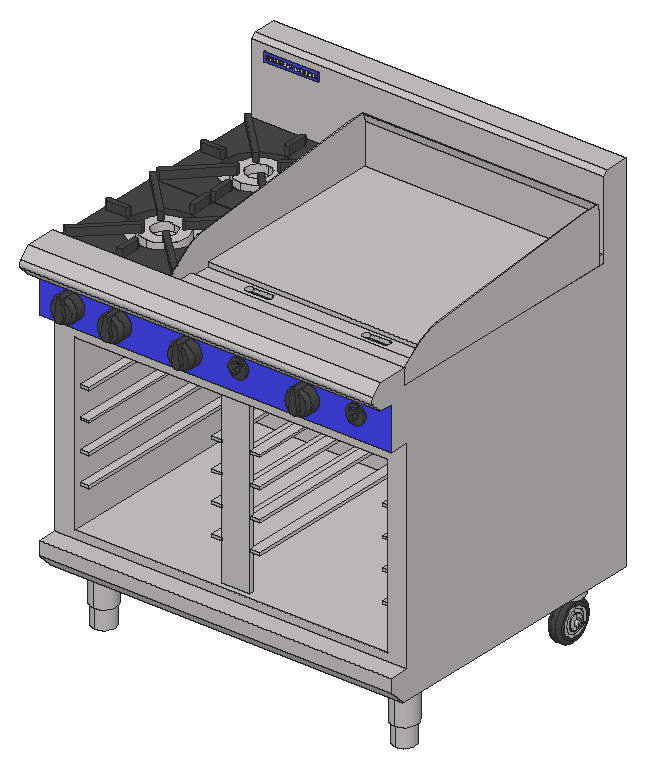
Revit family "QF_MOFFAT_BLUESEAL_CE_G516B-CB", category Specialty Equipment, Revit 2012
Parameters
  Width = 900 mm
  Weight in Pounds = 396  # constant formula
  URL Cutsheet = "www.moffat.com"
  URL = "www.moffat.com"
  Type Mark [instance] = ""
  Status [instance] = ""
  Specification by User [instance] = ""
  Specification by Manufacturer = ""
  Show Logo [instance] = yes
  Show Casters [instance] = yes
  Serial Number = ""
  Seismic Rating = ""
  SMACNA No = ""
  Revision Code [instance] = ""
  Omniclass Number and Title = ""
  NAFEM Spec ID Number = ""
  Model = "G516B-CB"
  Mechanical Remarks = ""
  Mechanical Connection Type = ""
  Masterspec = ""
  Manufacturer = "MOFFAT BLUESEAL"
  Legs [instance] = not(Show Casters)  # no
  Item Number [instance] = ""
  Installed By [instance] = ""
  Identify Quantity as Lot [instance] = yes
  Gas Size = 3/4"
  Gas RI Height = 0 mm
  Gas KW = 26
  Gas Input = 89000.0 Btu/h
  Gas Connection Height = 0 mm
  Furnished By [instance] = ""
  Foodservice Equipment Identifier [instance] = yes
  Description = "900MM GAS COOK TOP ON CABINET BASE"
  Depth = 812 mm
  CSI MasterFormat = ""
  CSI Master Format = ""
  Base Height [instance] = 150 mm
Reference planes
  plane 1 "BACK": y = 0
  plane 2: z = 0
  plane 3 "LEFT": x = 0
  plane 4 "RIGHT": x = 900
  plane 5 "FRONT": y = -812
  plane 6 "TOP": z = 970
  plane 7 "Center Y": x = 450
  plane 8 "Center X": y = -406
  plane 9 "Base Height": z = 150
  plane 10: z = 915
  plane 11: z = 1085
  plane 12: z = 740
  plane 13: x = 834
  plane 14: x = 65
  plane 15: y = -625
  plane 16: y = -100
Forms (mm)
  Extrusion 1, solid, material "QF_Finishes_Stainless Steel"
    sketch origin (0, 0, 0) x (0, 1, 0) y (0, 0, 1)
      loop
        line (0, 150) -> (0, 1085) -> (-57.5, 1085) -> (-70, 1072.5) -> (-70, 875) -> (-705.25, 875) -> (-705.25, 915) -> (-783.97, 915) -> (-808.485, 890.485)
        arc (-808.485, 890.485) -> (-811.999, 882) -> (-808.485, 873.515) r 12
        line (-808.485, 873.515) -> (-784.97, 850) -> (-749, 850) -> (-749, 740) -> (-130.5, 740) -> (-130.5, 222.5) -> (-749, 222.5) -> (-749, 186) -> (-713, 150) -> (0, 150)
    from 0 to 900
  Extrusion 2, void
    sketch origin (705, 3, 100) x (1, 0, 0) y (0, 1, 0)
      loop
        circle (65, -35) r 13.5
    from 640 to 570
  Revolve 3, solid, material "QF_Finishes_Black"
    sketch origin (90, 7, 760) x (0, 1, 0) y (0, 0, -1)
      loop
        line (-789, -69.5) -> (-766, -69.5) -> (-766, -42) -> (-756, -42) -> (-756, -37) -> (-800, -37) -> (-800, -63.651) -> (-789, -69.5)
      axis (-800, -37) -> (-756, -37)
    angle from 0 to 360
  Extrusion 4, solid, material "QF_Finishes_Black"
    sketch origin (228.27, 7, 760.158) x (-1, 0, 0) y (0, 0, -1)
      loop
        line (127.85, -26.037) -> (133.271, -68.955)
        arc (133.271, -68.955) -> (138.27, -73.842) -> (143.268, -68.955) r 5
        line (143.268, -68.955) -> (148.757, -24.87)
        arc (148.757, -24.87) -> (137.685, -14.371) -> (127.85, -26.037) r 10.487
    from 759 to 808
  Revolve 5, solid, material "QF_Finishes_Stainless Steel", visible <- "Legs"
    sketch origin (834, -165, 0) x (0, 1, 0) y (0, 0, -1)
      loop
        line (33.25, -150) -> (65, -150) -> (65, 0) -> (37.5, 0) -> (37.5, -50) -> (33.25, -50) -> (33.25, -150)
      axis (65, -150) -> (65, 0)
    angle from 0 to 360
  Revolve 6, solid, material "QF_Finishes_Stainless Steel"
    sketch origin (834, -728, 0) x (0, 1, 0) y (0, 0, -1)
      loop
        line (71.25, -150) -> (103, -150) -> (103, 0) -> (75.5, 0) -> (75.5, -50) -> (71.25, -50) -> (71.25, -150)
      axis (103, -150) -> (103, 0)
    angle from 0 to 360
  Extrusion 7, solid, material "QF_Finishes_Stainless Steel"
    sketch origin (0, -130.5, 735) x (0, 0, 1) y (-1, 0, 0)
      loop
        line (5, -900) -> (5, 0) -> (-512.5, 0) -> (-512.5, -900) -> (5, -900)
      loop
        line (-50, -850) -> (-50, -50) -> (-492.5, -50) -> (-492.5, -850) -> (-50, -850)
    from 0 to 568.5
  Extrusion 8, void
    sketch origin (0, 0, 150) x (-1, 0, 0) y (0, -1, 0)
      loop
        line (-824.497, 87.26) -> (-824.497, -30.24) -> (-694.997, -30.24) -> (-694.997, 38.76) -> (-743.497, 87.26) -> (-824.497, 87.26)
    from 72.5 to 590
  Extrusion 9, solid, material "QF_Finishes_Stainless Steel"
    sketch origin (0, -130.5, 735) x (0, 0, 1) y (-1, 0, 0)
      loop
        line (-50, -485.5) -> (-50, -414.5) -> (-492.5, -414.5) -> (-492.5, -485.5) -> (-50, -485.5)
    from 543.302 to 553.302
  Extrusion 10, solid, material "QF_Finishes_Stainless Steel"
    sketch origin (0, -130.5, 735) x (0, 0, 1) y (-1, 0, 0)
      loop
        line (-246.25, -414.5) -> (-239.9, -414.5) -> (-239.9, -389.5) -> (-246.25, -389.5) -> (-246.25, -414.5)
      loop
        line (-321.25, -414.5) -> (-314.9, -414.5) -> (-314.9, -389.5) -> (-321.25, -389.5) -> (-321.25, -414.5)
      loop
        line (-321.25, -50) -> (-321.25, -75) -> (-314.9, -75) -> (-314.9, -50) -> (-321.25, -50)
      loop
        line (-239.9, -75) -> (-239.9, -50) -> (-246.25, -50) -> (-246.25, -75) -> (-239.9, -75)
      loop
        line (-396.25, -414.5) -> (-389.9, -414.5) -> (-389.9, -389.5) -> (-396.25, -389.5) -> (-396.25, -414.5)
      loop
        line (-396.25, -50) -> (-396.25, -75) -> (-389.9, -75) -> (-389.9, -50) -> (-396.25, -50)
      loop
        line (-171.25, -414.5) -> (-164.9, -414.5) -> (-164.9, -389.5) -> (-171.25, -389.5) -> (-171.25, -414.5)
      loop
        line (-164.9, -75) -> (-164.9, -50) -> (-171.25, -50) -> (-171.25, -75) -> (-164.9, -75)
      loop
        line (-246.25, -485.5) -> (-246.25, -510.5) -> (-239.9, -510.5) -> (-239.9, -485.5) -> (-246.25, -485.5)
      loop
        line (-321.25, -485.5) -> (-321.25, -510.5) -> (-314.9, -510.5) -> (-314.9, -485.5) -> (-321.25, -485.5)
      loop
        line (-321.25, -850) -> (-314.9, -850) -> (-314.9, -825) -> (-321.25, -825) -> (-321.25, -850)
      loop
        line (-239.9, -825) -> (-246.25, -825) -> (-246.25, -850) -> (-239.9, -850) -> (-239.9, -825)
      loop
        line (-396.25, -485.5) -> (-396.25, -510.5) -> (-389.9, -510.5) -> (-389.9, -485.5) -> (-396.25, -485.5)
      loop
        line (-396.25, -850) -> (-389.9, -850) -> (-389.9, -825) -> (-396.25, -825) -> (-396.25, -850)
      loop
        line (-171.25, -485.5) -> (-171.25, -510.5) -> (-164.9, -510.5) -> (-164.9, -485.5) -> (-171.25, -485.5)
      loop
        line (-164.9, -825) -> (-171.25, -825) -> (-171.25, -850) -> (-164.9, -850) -> (-164.9, -825)
    from 0 to 553.302
  Extrusion 11, solid, material "QF_Finishes_Stainless Steel"
    sketch origin (705, -4.5, 740) x (0, 1, 0) y (1, 0, 0)
      loop
        circle (-27.5, 65) r 6.35
    from 0 to 1.6
  Revolve 12, solid, material "QF_Finishes_Stainless Steel", visible <- "Show Casters"
    sketch origin (784.648, -99.755, -13.653) x (1, 0, 0) y (0, 0, 1)
      loop
        line (14.841, 63.604) -> (83.584, 63.604) -> (83.584, 67.109) -> (82.314, 68.379) -> (80.79, 68.379) -> (80.79, 71.826) -> (68.644, 71.826) -> (68.644, 81.79) -> (65.088, 83.843) -> (63.738, 92.179) -> (65.881, 92.179) -> (65.881, 98.529) -> (65.088, 98.529) -> (65.088, 104.879)
        arc (65.088, 104.879) -> (62.298, 111.614) -> (55.563, 114.404) r 9.525
        line (55.563, 114.404) -> (42.863, 114.404)
        arc (42.863, 114.404) -> (36.127, 111.614) -> (33.338, 104.879) r 9.525
        line (33.338, 104.879) -> (33.338, 98.529) -> (32.544, 98.529) -> (32.544, 92.179) -> (34.687, 92.179) -> (33.352, 83.932) -> (29.782, 81.871) -> (29.782, 71.826) -> (17.635, 71.826) -> (17.635, 68.379) -> (16.111, 68.379) -> (14.841, 67.109) -> (14.841, 63.604)
      axis (14.841, 63.604) -> (83.584, 63.604)
    angle from 0 to 360
  Revolve 13, solid, material "QF_Finishes_Stainless Steel", visible <- "Show Casters"
    sketch origin (833.871, -203, 0) x (0, 1, 0) y (0, 0, 1)
      loop
        line (68.25, 150) -> (68.25, 110) -> (104, 110) -> (104, 150) -> (68.25, 150)
      axis (104, 150) -> (104, 110)
    angle from 0 to 360
  Revolve 14, solid, material "QF_Finishes_Stainless Steel", visible <- "Legs"
    sketch origin (65, -165, 0) x (0, 1, 0) y (0, 0, -1)
      loop
        line (33.25, -150) -> (65, -150) -> (65, 0) -> (37.5, 0) -> (37.5, -50) -> (33.25, -50) -> (33.25, -150)
      axis (65, -150) -> (65, 0)
    angle from 0 to 360
  Revolve 15, solid, material "QF_Finishes_Stainless Steel"
    sketch origin (65, -728, 0) x (0, 1, 0) y (0, 0, -1)
      loop
        line (71.25, -150) -> (103, -150) -> (103, 0) -> (75.5, 0) -> (75.5, -50) -> (71.25, -50) -> (71.25, -150)
      axis (103, -150) -> (103, 0)
    angle from 0 to 360
  Revolve 16, solid, material "QF_Finishes_Stainless Steel", visible <- "Show Casters"
    sketch origin (15.648, -99.755, -13.653) x (1, 0, 0) y (0, 0, 1)
      loop
        line (14.841, 63.604) -> (83.584, 63.604) -> (83.584, 67.109) -> (82.314, 68.379) -> (80.79, 68.379) -> (80.79, 71.826) -> (68.644, 71.826) -> (68.644, 81.79) -> (65.088, 83.843) -> (63.738, 92.179) -> (65.881, 92.179) -> (65.881, 98.529) -> (65.088, 98.529) -> (65.088, 104.879)
        arc (65.088, 104.879) -> (62.298, 111.614) -> (55.563, 114.404) r 9.525
        line (55.563, 114.404) -> (42.863, 114.404)
        arc (42.863, 114.404) -> (36.127, 111.614) -> (33.338, 104.879) r 9.525
        line (33.338, 104.879) -> (33.338, 98.529) -> (32.544, 98.529) -> (32.544, 92.179) -> (34.687, 92.179) -> (33.352, 83.932) -> (29.782, 81.871) -> (29.782, 71.826) -> (17.635, 71.826) -> (17.635, 68.379) -> (16.111, 68.379) -> (14.841, 67.109) -> (14.841, 63.604)
      axis (14.841, 63.604) -> (83.584, 63.604)
    angle from 0 to 360
  Revolve 17, solid, material "QF_Finishes_Stainless Steel", visible <- "Show Casters"
    sketch origin (64.871, -203, 0) x (0, 1, 0) y (0, 0, 1)
      loop
        line (68.25, 150) -> (68.25, 110) -> (104, 110) -> (104, 150) -> (68.25, 150)
      axis (104, 150) -> (104, 110)
    angle from 0 to 360
  Revolve 18, solid, material "QF_Finishes_Black"
    sketch origin (390, 7, 760) x (0, 1, 0) y (0, 0, -1)
      loop
        line (-789, -69.5) -> (-766, -69.5) -> (-766, -42) -> (-756, -42) -> (-756, -37) -> (-800, -37) -> (-800, -63.651) -> (-789, -69.5)
      axis (-800, -37) -> (-756, -37)
    angle from 0 to 360
  Extrusion 19, solid, material "QF_Finishes_Black"
    sketch origin (528.27, 7, 760.158) x (-1, 0, 0) y (0, 0, -1)
      loop
        line (127.85, -26.037) -> (133.271, -68.955)
        arc (133.271, -68.955) -> (138.27, -73.842) -> (143.268, -68.955) r 5
        line (143.268, -68.955) -> (148.757, -24.87)
        arc (148.757, -24.87) -> (137.685, -14.371) -> (127.85, -26.037) r 10.487
    from 759 to 808
  Revolve 20, solid, material "QF_Finishes_Black"
    sketch origin (690, 7, 760) x (0, 1, 0) y (0, 0, -1)
      loop
        line (-789, -69.5) -> (-766, -69.5) -> (-766, -42) -> (-756, -42) -> (-756, -37) -> (-800, -37) -> (-800, -63.651) -> (-789, -69.5)
      axis (-800, -37) -> (-756, -37)
    angle from 0 to 360
  Extrusion 21, solid, material "QF_Finishes_Black"
    sketch origin (828.27, 7, 760.158) x (-1, 0, 0) y (0, 0, -1)
      loop
        line (127.85, -26.037) -> (133.271, -68.955)
        arc (133.271, -68.955) -> (138.27, -73.842) -> (143.268, -68.955) r 5
        line (143.268, -68.955) -> (148.757, -24.87)
        arc (148.757, -24.87) -> (137.685, -14.371) -> (127.85, -26.037) r 10.487
    from 759 to 808
  Extrusion 22, solid, material "QF_Finishes_Black"
    sketch origin (0, -749, 850) x (0, 0, -1) y (1, 0, 0)
      loop
        circle (53, 510) r 23.9
      loop
        circle (53, 810) r 23.9
      loop
        arc (45.641, 818.419) -> (46.501, 823.219) -> (41.701, 824.079) r 3.448
        arc (41.701, 824.079) -> (35.116, 809.341) -> (42.919, 795.209) r 18.095
        arc (42.919, 795.209) -> (47.641, 796.491) -> (46.326, 801.204) r 3.448
        arc (46.326, 801.204) -> (42.758, 809.683) -> (45.641, 818.419) r 13.109
      loop
        arc (45.641, 518.419) -> (46.501, 523.219) -> (41.701, 524.079) r 3.448
        arc (41.701, 524.079) -> (35.116, 509.341) -> (42.919, 495.209) r 18.095
        arc (42.919, 495.209) -> (47.641, 496.491) -> (46.326, 501.204) r 3.448
        arc (46.326, 501.204) -> (42.758, 509.683) -> (45.641, 518.419) r 13.109
    from 0 to 5
  Extrusion 23, solid, material "QF_Finishes_Black"
    sketch origin (0, -754, 850) x (0, 0, -1) y (1, 0, 0)
      loop
        circle (56.5, 510) r 5.75
      loop
        circle (56.5, 810) r 5.75
    from 0 to 10
  Revolve 24, solid, material "QF_Finishes_Black"
    sketch origin (210, 7, 760) x (0, 1, 0) y (0, 0, -1)
      loop
        line (-789, -69.5) -> (-766, -69.5) -> (-766, -42) -> (-756, -42) -> (-756, -37) -> (-800, -37) -> (-800, -63.651) -> (-789, -69.5)
      axis (-800, -37) -> (-756, -37)
    angle from 0 to 360
  Extrusion 25, solid, material "QF_Finishes_Black"
    sketch origin (348.27, 7, 760.158) x (-1, 0, 0) y (0, 0, -1)
      loop
        line (127.85, -26.037) -> (133.271, -68.955)
        arc (133.271, -68.955) -> (138.27, -73.842) -> (143.268, -68.955) r 5
        line (143.268, -68.955) -> (148.757, -24.87)
        arc (148.757, -24.87) -> (137.685, -14.371) -> (127.85, -26.037) r 10.487
    from 759 to 808
Cuts and joins
  Extrusion 2, Extrusion 8 cuts Extrusion 1
  joined: Extrusion 1, Extrusion 7
Lines and regions (mm)
  Split face 1
    outline origin (900, 0, 1085) x (-1, 0, 0) y (0, -1, 0)
      loop
        arc (856, 18.385) -> (864.66, 23.385) -> (864.66, 33.385) r 10
        line (864.66, 33.385) -> (860.619, 40.385)
        arc (860.619, 40.385) -> (856.959, 44.045) -> (851.959, 45.385) r 10
        line (851.959, 45.385) -> (624, 45.385)
        arc (624, 45.385) -> (615.34, 40.385) -> (615.34, 30.385) r 10
        line (615.34, 30.385) -> (619.381, 23.385)
        arc (619.381, 23.385) -> (623.041, 19.725) -> (628.041, 18.385) r 10
        line (628.041, 18.385) -> (856, 18.385)
  Split face 2
    outline origin (900, 0, 1085) x (-1, 0, 0) y (0, -1, 0)
      loop
        arc (44, 45.385) -> (35.34, 40.385) -> (35.34, 30.385) r 10
        line (35.34, 30.385) -> (39.381, 23.385)
        arc (39.381, 23.385) -> (43.041, 19.725) -> (48.041, 18.385) r 10
        line (48.041, 18.385) -> (276, 18.385)
        arc (276, 18.385) -> (284.66, 23.385) -> (284.66, 33.385) r 10
        line (284.66, 33.385) -> (280.619, 40.385)
        arc (280.619, 40.385) -> (276.959, 44.045) -> (271.959, 45.385) r 10
        line (271.959, 45.385) -> (44, 45.385)
  Split face 3
    outline origin (900, 0, 1085) x (-1, 0, 0) y (0, -1, 0)
      loop
        arc (566, 18.385) -> (574.66, 23.385) -> (574.66, 33.385) r 10
        line (574.66, 33.385) -> (570.619, 40.385)
        arc (570.619, 40.385) -> (566.959, 44.045) -> (561.959, 45.385) r 10
        line (561.959, 45.385) -> (334, 45.385)
        arc (334, 45.385) -> (325.34, 40.385) -> (325.34, 30.385) r 10
        line (325.34, 30.385) -> (329.381, 23.385)
        arc (329.381, 23.385) -> (333.041, 19.725) -> (338.041, 18.385) r 10
        line (338.041, 18.385) -> (566, 18.385)
  symbolic lines, style "SpecialityEquipmentHiddenLines", visible <- "Show Casters"
    curve 1: line (78.456, -46.735, 0) -> (105.952, -62.61, 0)
    curve 2: line (27.656, -134.723, 0) -> (78.456, -46.735, 0)
    curve 3: line (55.152, -150.598, 0) -> (27.656, -134.723, 0)
    curve 4: line (105.952, -62.61, 0) -> (55.152, -150.598, 0)
    curve 5: line (847.456, -46.735, 0) -> (874.952, -62.61, 0)
    curve 6: line (796.656, -134.723, 0) -> (847.456, -46.735, 0)
    curve 7: line (824.152, -150.598, 0) -> (796.656, -134.723, 0)
    curve 8: line (874.952, -62.61, 0) -> (824.152, -150.598, 0)
  symbolic lines
    curve 9: line (0, -783.97, 0) -> (900, -783.97, 0)
    curve 10: line (0, -811.999, 0) -> (900, -811.999, 0)
    curve 11: line (0, 0, 0) -> (0, -811.999, 0)
    curve 12: line (900, 0, 0) -> (0, 0, 0)
    curve 13: line (900, -811.999, 0) -> (900, 0, 0)
    curve 14: line (624, -18.385, 0) -> (851.959, -18.385, 0)
    curve 15: arc (851.959, -18.385, 0) -> (856.959, -19.725, 0) -> (860.619, -23.385, 0) r 10
    curve 16: line (860.619, -23.385, 0) -> (864.66, -30.385, 0)
    curve 17: arc (864.66, -30.385, 0) -> (864.66, -40.385, 0) -> (856, -45.385, 0) r 10
    curve 18: line (856, -45.385, 0) -> (628.041, -45.385, 0)
    curve 19: arc (628.041, -45.385, 0) -> (623.041, -44.045, 0) -> (619.381, -40.385, 0) r 10
    curve 20: line (619.381, -40.385, 0) -> (615.34, -33.385, 0)
    curve 21: arc (615.34, -33.385, 0) -> (615.34, -23.385, 0) -> (624, -18.385, 0) r 10
    curve 22: line (561.959, -18.385, 0) -> (334, -18.385, 0)
    curve 23: arc (334, -18.385, 0) -> (325.34, -23.385, 0) -> (325.34, -33.385, 0) r 10
    curve 24: line (325.34, -33.385, 0) -> (329.381, -40.385, 0)
    curve 25: arc (329.381, -40.385, 0) -> (333.041, -44.045, 0) -> (338.041, -45.385, 0) r 10
    curve 26: line (338.041, -45.385, 0) -> (566, -45.385, 0)
    curve 27: arc (566, -45.385, 0) -> (574.66, -40.385, 0) -> (574.66, -30.385, 0) r 10
    curve 28: line (574.66, -30.385, 0) -> (570.619, -23.385, 0)
    curve 29: arc (570.619, -23.385, 0) -> (566.959, -19.725, 0) -> (561.959, -18.385, 0) r 10
    curve 30: line (44, -18.385, 0) -> (271.959, -18.385, 0)
    curve 31: arc (271.959, -18.385, 0) -> (276.959, -19.725, 0) -> (280.619, -23.385, 0) r 10
    curve 32: line (280.619, -23.385, 0) -> (284.66, -30.385, 0)
    curve 33: arc (284.66, -30.385, 0) -> (284.66, -40.385, 0) -> (276, -45.385, 0) r 10
    curve 34: line (276, -45.385, 0) -> (48.041, -45.385, 0)
    curve 35: arc (48.041, -45.385, 0) -> (43.041, -44.045, 0) -> (39.381, -40.385, 0) r 10
    curve 36: line (39.381, -40.385, 0) -> (35.34, -33.385, 0)
    curve 37: arc (35.34, -33.385, 0) -> (35.34, -23.385, 0) -> (44, -18.385, 0) r 10
    curve 38: line (0, -705.25, 0) -> (900, -705.25, 0)
    curve 39: line (0, -57.5, 0) -> (900, -57.5, 0)
    curve 40: line (0, -70, 0) -> (900, -70, 0)
Dimensions and locks
  equal spacing: plane 3 "LEFT", plane 7 "Center Y", plane 4 "RIGHT"
  "Width": plane 3 "LEFT" to plane 4 "RIGHT"
  equal spacing: plane 5 "FRONT", plane 8 "Center X", plane 1 "BACK"
  "Depth": plane 5 "FRONT" to plane 1 "BACK"
  "Base Height": plane 9 "Base Height" to level
  plane 10 to level = 915 mm
  cut or joined group of Extrusion 1, Extrusion 2, Extrusion 7, Extrusion 8 to level = 740 mm
  plane 11 to plane 2 = 1085 mm
  plane 2 to plane 12 = 740 mm
  plane 13 to plane 14 = 769 mm
  plane 16 to plane 15 = 525 mm
  plane 1 "BACK" to plane 16 = 100 mm
  Revolve 12 sketch curve to Revolve 12 sketch curve = 50.8 mm
  Extrusion 11 sketch curve to plane 4 "RIGHT" = 130 mm
  Revolve 16 sketch curve to Revolve 16 sketch curve = 50.8 mm
  Extrusion 11 sketch curve to plane 1 "BACK" = 32 mm
  aligned and locked: level to plane 2
Automatic sketch dimensions
  plane 1 "BACK" to curve 12 = 0 mm
  curve 12 to plane 3 "LEFT" = 0 mm
  curve 10 to plane 4 "RIGHT" = 0 mm
  plane 3 "LEFT" to curve 2 = 27.656 mm
  curve 36 to plane 14 = 29.66 mm
  curve 37 to curve 35 = 4.041 mm  (x2)
  curve 37 to curve 37 = 8.66 mm
  curve 4 to plane 14 = 9.848 mm
  plane 14 to curve 1 = 13.456 mm
  plane 1 "BACK" to curve 30 = 18.385 mm
  curve 1 to curve 30 = 166.007 mm
  curve 31 to curve 34 = 4.041 mm
  curve 30 to curve 31 = 8.66 mm
  plane 1 "BACK" to curve 32 = 30.385 mm
  curve 31 to curve 32 = 4.041 mm
  plane 1 "BACK" to curve 24 = 33.385 mm
  curve 32 to curve 24 = 40.679 mm
  curve 24 to curve 25 = 4.041 mm
  curve 23 to curve 22 = 8.66 mm
  curve 25 to curve 25 = 8.66 mm
  plane 1 "BACK" to curve 29 = 28.385 mm
  plane 7 "Center Y" to curve 29 = 111.959 mm
  curve 29 to curve 27 = 4.041 mm
  curve 22 to curve 29 = 8.66 mm
  plane 1 "BACK" to curve 28 = 30.385 mm
  curve 29 to curve 28 = 4.041 mm
  plane 1 "BACK" to curve 20 = 33.385 mm
  curve 28 to curve 20 = 40.679 mm
  plane 1 "BACK" to curve 20 = 40.385 mm
  curve 20 to curve 20 = 4.041 mm
  curve 20 to curve 21 = 8.66 mm
  curve 21 to curve 19 = 4.041 mm
  curve 6 to plane 13 = 37.344 mm
  curve 8 to plane 13 = 9.848 mm
  plane 13 to curve 6 = 13.456 mm
  plane 13 to curve 15 = 17.959 mm
  curve 15 to curve 17 = 4.041 mm
  curve 14 to curve 16 = 8.66 mm
  curve 16 to curve 16 = 4.041 mm
  curve 35 to curve 30 = 27 mm
  curve 19 to curve 19 = 5 mm
  curve 25 to curve 23 = 12 mm
  curve 1 to curve 35 = 1.35 mm
  curve 5 to curve 17 = 1.35 mm
  curve 39 to plane 16 = 42.5 mm
  curve 8 to curve 39 = 5.11 mm
  curve 1 to curve 1 = 15.875 mm
  curve 40 to curve 39 = 12.5 mm
  plane 15 to curve 38 = 80.25 mm
  curve 9 to plane 5 "FRONT" = 28.03 mm
  curve 10 to plane 5 "FRONT" = 0.001 mm
  curve 25 to curve 24 = 7 mm
  curve 34 to curve 35 = 5 mm
  curve 18 to curve 17 = 10 mm
  curve 35 to curve 37 = 7 mm
  curve 25 to curve 23 = 7 mm
  curve 19 to curve 21 = 7 mm
  curve 33 to curve 31 = 7 mm
  curve 17 to curve 15 = 7 mm
  Extrusion 1 sketch curve to plane 10 = 0 mm
  plane 12 to Extrusion 1 sketch curve = 0 mm
  Extrusion 1 sketch curve to plane 9 "Base Height" = 0 mm
  Extrusion 1 sketch curve to plane 11 = 0 mm
  Extrusion 1 sketch curve to plane 1 "BACK" = 0 mm
  Extrusion 1 sketch curve to plane 16 = 42.5 mm
  Extrusion 1 sketch curve to plane 16 = 30 mm
  plane 16 to Extrusion 1 sketch curve = 30.5 mm
  plane 15 to Extrusion 1 sketch curve = 80.25 mm
  plane 15 to Extrusion 1 sketch curve = 88 mm
  Extrusion 1 sketch curve to plane 5 "FRONT" = 63 mm  (x2)
  Extrusion 1 sketch curve to plane 5 "FRONT" = 28.03 mm
  Extrusion 1 sketch curve to plane 5 "FRONT" = 27.03 mm
  Extrusion 1 sketch curve to plane 5 "FRONT" = 12.001 mm
  Extrusion 1 sketch curve to plane 5 "FRONT" = 3.515 mm  (x2)
  plane 9 "Base Height" to Extrusion 1 sketch curve = 36 mm
  Extrusion 1 sketch curve to Extrusion 1 sketch curve = 36.5 mm
  Extrusion 1 sketch curve to plane 10 = 65 mm
  Extrusion 1 sketch curve to Extrusion 1 sketch curve = 23.515 mm
  Extrusion 1 sketch curve to plane 10 = 40 mm
  Extrusion 1 sketch curve to Extrusion 1 sketch curve = 8.485 mm
  Extrusion 1 sketch curve to plane 11 = 12.5 mm
  plane 1 "BACK" to Extrusion 2 sketch curve = 32 mm
  Extrusion 2 sketch curve to plane 13 = 64 mm
  Revolve 3 sketch curve to plane 5 "FRONT" = 19 mm
  Revolve 3 sketch curve to Revolve 3 sketch curve = 0 mm  (x2)
  Revolve 3 sketch curve to Revolve 3 sketch curve = 11 mm
  Revolve 3 sketch curve to Revolve 3 sketch curve = 12.7 mm
  Revolve 3 sketch curve to Revolve 3 sketch curve = 23 mm
  Revolve 3 sketch curve to Revolve 3 sketch curve = 10 mm
  Revolve 3 sketch curve to plane 10 = 85.5 mm
  Revolve 3 sketch curve to Revolve 3 sketch curve = 5.849 mm
  Revolve 3 sketch curve to Revolve 3 sketch curve = 27.5 mm
  Revolve 3 sketch curve to Revolve 3 sketch curve = 5 mm
  plane 14 to Extrusion 4 sketch curve = 35.419 mm
  plane 14 to Extrusion 4 sketch curve = 29.999 mm
  Extrusion 4 sketch curve to Extrusion 4 sketch curve = 10.419 mm
  Extrusion 4 sketch curve to Extrusion 4 sketch curve = 4.999 mm  (x2)
  Extrusion 4 sketch curve to Extrusion 4 sketch curve = 10.487 mm
  Extrusion 4 sketch curve to plane 10 = 85.887 mm
  Extrusion 4 sketch curve to Extrusion 4 sketch curve = 0.113 mm
  Extrusion 4 sketch curve to Extrusion 4 sketch curve = 42.919 mm
  Extrusion 4 sketch curve to Extrusion 4 sketch curve = 1.167 mm
  Revolve 5 sketch curve to plane 9 "Base Height" = 0 mm
  Revolve 5 sketch curve to level = 0 mm
  Revolve 5 sketch curve to plane 16 = 0 mm  (x2)
  plane 16 to Revolve 5 sketch curve = 27.5 mm
  plane 16 to Revolve 5 sketch curve = 31.75 mm
  level to Revolve 5 sketch curve = 50 mm
  Revolve 5 sketch curve to Revolve 5 sketch curve = 0 mm
  Revolve 5 sketch curve to Revolve 5 sketch curve = 55 mm
  Revolve 6 sketch curve to plane 9 "Base Height" = 0 mm
  Revolve 6 sketch curve to level = 0 mm
  Revolve 6 sketch curve to plane 15 = 0 mm  (x2)
  plane 15 to Revolve 6 sketch curve = 27.5 mm
  plane 15 to Revolve 6 sketch curve = 31.75 mm
  level to Revolve 6 sketch curve = 50 mm
  Revolve 6 sketch curve to Revolve 6 sketch curve = 0 mm
  Revolve 6 sketch curve to Revolve 6 sketch curve = 55 mm
  Extrusion 1 to Extrusion 7 sketch curve = 0 mm
  Extrusion 7 sketch curve to Extrusion 1 = 0 mm  (x3)
  Extrusion 1 to Extrusion 7 sketch curve = 20 mm
  Extrusion 7 sketch curve to Extrusion 1 = 55 mm
  Extrusion 1 to Extrusion 7 sketch curve = 50 mm  (x2)
  Extrusion 8 sketch curve to plane 13 = 9.503 mm
  Extrusion 8 sketch curve to plane 16 = 12.74 mm
  Extrusion 8 sketch curve to Extrusion 8 sketch curve = 81 mm
  Extrusion 8 sketch curve to Extrusion 8 sketch curve = 48.5 mm
  plane 1 "BACK" to Extrusion 8 sketch curve = 38.76 mm
  Extrusion 8 sketch curve to plane 1 "BACK" = 30.24 mm
  Extrusion 1 to Extrusion 9 sketch curve = 20 mm
  Extrusion 9 sketch curve to Extrusion 1 = 55 mm
  Extrusion 1 to Extrusion 9 sketch curve = 414.5 mm
  Extrusion 9 sketch curve to Extrusion 9 sketch curve = 71 mm
  Extrusion 1 to Extrusion 10 sketch curve = 116.25 mm  (x3)
  Extrusion 10 sketch curve to Extrusion 10 sketch curve = 0 mm  (x6)
  Extrusion 1 to Extrusion 10 sketch curve = 50 mm  (x4)
  Extrusion 10 sketch curve to Extrusion 10 sketch curve = 6.35 mm  (x16)
  Extrusion 10 sketch curve to Extrusion 10 sketch curve = 68.65 mm  (x12)
  Extrusion 10 sketch curve to Extrusion 10 sketch curve = 25 mm  (x16)
  Extrusion 10 sketch curve to Extrusion 10 sketch curve = 314.5 mm
  Extrusion 10 sketch curve to Extrusion 10 sketch curve = 71 mm  (x4)
  Extrusion 1 to Extrusion 10 sketch curve = 75 mm  (x2)
  Split face 1 sketch curve to cut or joined group of Extrusion 1, Extrusion 2, Extrusion 7, Extrusion 8 = 27.115 mm
  Split face 1 sketch curve to cut or joined group of Extrusion 1, Extrusion 2, Extrusion 7, Extrusion 8 = 284.66 mm
  Split face 1 sketch curve to Split face 1 sketch curve = 4.041 mm  (x4)
  Split face 1 sketch curve to Split face 1 sketch curve = 8.66 mm  (x2)
  Split face 1 sketch curve to cut or joined group of Extrusion 1, Extrusion 2, Extrusion 7, Extrusion 8 = 12.115 mm
  Split face 1 sketch curve to cut or joined group of Extrusion 1, Extrusion 2, Extrusion 7, Extrusion 8 = 48.041 mm
  Split face 1 sketch curve to Split face 1 sketch curve = 7 mm  (x3)
  Split face 1 sketch curve to Split face 1 sketch curve = 17 mm
  Split face 2 sketch curve to cut or joined group of Extrusion 1, Extrusion 2, Extrusion 7, Extrusion 8 = 35.34 mm
  Split face 2 sketch curve to Split face 2 sketch curve = 4.041 mm  (x4)
  Split face 2 sketch curve to Split face 2 sketch curve = 8.66 mm  (x2)
  Split face 2 sketch curve to cut or joined group of Extrusion 1, Extrusion 2, Extrusion 7, Extrusion 8 = 22.115 mm
  Split face 2 sketch curve to Split face 2 sketch curve = 223.917 mm
  Split face 2 sketch curve to cut or joined group of Extrusion 1, Extrusion 2, Extrusion 7, Extrusion 8 = 17.115 mm
  Split face 2 sketch curve to Split face 2 sketch curve = 10 mm
  Split face 2 sketch curve to Split face 2 sketch curve = 7 mm  (x3)
  Split face 3 sketch curve to cut or joined group of Extrusion 1, Extrusion 2, Extrusion 7, Extrusion 8 = 27.115 mm
  Split face 3 sketch curve to cut or joined group of Extrusion 1, Extrusion 2, Extrusion 7, Extrusion 8 = 325.34 mm
  Split face 3 sketch curve to Split face 3 sketch curve = 4.041 mm  (x4)
  Split face 3 sketch curve to Split face 3 sketch curve = 8.66 mm  (x2)
  Split face 3 sketch curve to cut or joined group of Extrusion 1, Extrusion 2, Extrusion 7, Extrusion 8 = 12.115 mm
  Split face 3 sketch curve to Split face 3 sketch curve = 223.917 mm
  Split face 3 sketch curve to Split face 3 sketch curve = 7 mm  (x3)
  Split face 3 sketch curve to Split face 3 sketch curve = 17 mm
  Revolve 12 sketch curve to plane 13 = 34.511 mm
  Revolve 12 sketch curve to Revolve 12 sketch curve = 1.27 mm  (x4)
  Revolve 12 sketch curve to Revolve 12 sketch curve = 1.524 mm  (x2)
  Revolve 12 sketch curve to Revolve 12 sketch curve = 12.146 mm  (x2)
  Revolve 12 sketch curve to plane 13 = 16.809 mm
  Revolve 12 sketch curve to Revolve 12 sketch curve = 0.794 mm  (x2)
  Revolve 12 sketch curve to Revolve 12 sketch curve = 3.57 mm
  Revolve 12 sketch curve to Revolve 12 sketch curve = 2.143 mm
  Revolve 12 sketch curve to plane 13 = 6.49 mm
  plane 13 to Revolve 12 sketch curve = 5.001 mm
  plane 13 to Revolve 12 sketch curve = 6.21 mm
  plane 13 to Revolve 12 sketch curve = 14.386 mm
  Revolve 12 sketch curve to Revolve 12 sketch curve = 1.349 mm  (x2)
  Revolve 12 sketch curve to Revolve 12 sketch curve = 3.556 mm
  Revolve 12 sketch curve to plane 4 "RIGHT" = 1.551 mm
  level to Revolve 12 sketch curve = 49.952 mm
  Revolve 12 sketch curve to Revolve 12 sketch curve = 0 mm
  Revolve 12 sketch curve to Revolve 12 sketch curve = 3.505 mm  (x2)
  Revolve 12 sketch curve to Revolve 12 sketch curve = 3.447 mm  (x2)
  Revolve 12 sketch curve to Revolve 12 sketch curve = 9.964 mm
  Revolve 12 sketch curve to Revolve 12 sketch curve = 10.045 mm
  Revolve 12 sketch curve to Revolve 12 sketch curve = 2.053 mm
  Revolve 12 sketch curve to Revolve 12 sketch curve = 2.061 mm
  Revolve 12 sketch curve to Revolve 12 sketch curve = 8.247 mm
  Revolve 12 sketch curve to Revolve 12 sketch curve = 8.336 mm
  Revolve 12 sketch curve to Revolve 12 sketch curve = 6.35 mm  (x2)
  Revolve 13 sketch curve to plane 9 "Base Height" = 0 mm
  plane 16 to Revolve 13 sketch curve = 34.75 mm
  Revolve 13 sketch curve to plane 16 = 1 mm  (x2)
  Revolve 13 sketch curve to plane 9 "Base Height" = 40 mm
  level to Revolve 13 sketch curve = 50 mm
  Revolve 13 sketch curve to level = 55 mm
  Revolve 14 sketch curve to plane 9 "Base Height" = 0 mm
  Revolve 14 sketch curve to level = 0 mm
  Revolve 14 sketch curve to plane 16 = 0 mm  (x2)
  plane 16 to Revolve 14 sketch curve = 27.5 mm
  plane 16 to Revolve 14 sketch curve = 31.75 mm
  level to Revolve 14 sketch curve = 50 mm
  Revolve 14 sketch curve to Revolve 14 sketch curve = 0 mm
  Revolve 14 sketch curve to Revolve 14 sketch curve = 55 mm
  Revolve 15 sketch curve to plane 9 "Base Height" = 0 mm
  Revolve 15 sketch curve to level = 0 mm
  Revolve 15 sketch curve to plane 15 = 0 mm  (x2)
  plane 15 to Revolve 15 sketch curve = 27.5 mm
  plane 15 to Revolve 15 sketch curve = 31.75 mm
  level to Revolve 15 sketch curve = 50 mm
  Revolve 15 sketch curve to Revolve 15 sketch curve = 0 mm
  Revolve 15 sketch curve to Revolve 15 sketch curve = 55 mm
  plane 3 "LEFT" to Revolve 16 sketch curve = 30.489 mm
  Revolve 16 sketch curve to Revolve 16 sketch curve = 1.27 mm  (x4)
  Revolve 16 sketch curve to Revolve 16 sketch curve = 1.524 mm  (x2)
  Revolve 16 sketch curve to Revolve 16 sketch curve = 12.146 mm  (x2)
  Revolve 16 sketch curve to plane 14 = 16.809 mm
  Revolve 16 sketch curve to Revolve 16 sketch curve = 0.794 mm  (x2)
  Revolve 16 sketch curve to Revolve 16 sketch curve = 3.57 mm
  Revolve 16 sketch curve to Revolve 16 sketch curve = 2.143 mm
  Revolve 16 sketch curve to plane 14 = 6.49 mm
  plane 14 to Revolve 16 sketch curve = 5.001 mm
  plane 14 to Revolve 16 sketch curve = 6.21 mm
  plane 14 to Revolve 16 sketch curve = 14.386 mm
  Revolve 16 sketch curve to Revolve 16 sketch curve = 1.349 mm  (x2)
  Revolve 16 sketch curve to Revolve 16 sketch curve = 3.556 mm
  Revolve 16 sketch curve to Revolve 16 sketch curve = 33.32 mm
  level to Revolve 16 sketch curve = 49.952 mm
  Revolve 16 sketch curve to Revolve 16 sketch curve = 0 mm
  Revolve 16 sketch curve to Revolve 16 sketch curve = 3.505 mm  (x2)
  Revolve 16 sketch curve to Revolve 16 sketch curve = 3.447 mm  (x2)
  Revolve 16 sketch curve to Revolve 16 sketch curve = 9.964 mm
  Revolve 16 sketch curve to Revolve 16 sketch curve = 10.045 mm
  Revolve 16 sketch curve to Revolve 16 sketch curve = 2.053 mm
  Revolve 16 sketch curve to Revolve 16 sketch curve = 2.061 mm
  Revolve 16 sketch curve to Revolve 16 sketch curve = 8.247 mm
  Revolve 16 sketch curve to Revolve 16 sketch curve = 8.336 mm
  Revolve 16 sketch curve to Revolve 16 sketch curve = 6.35 mm  (x2)
  Revolve 17 sketch curve to plane 9 "Base Height" = 0 mm
  plane 16 to Revolve 17 sketch curve = 34.75 mm
  Revolve 17 sketch curve to plane 16 = 1 mm  (x2)
  Revolve 17 sketch curve to plane 9 "Base Height" = 40 mm
  level to Revolve 17 sketch curve = 50 mm
  Revolve 17 sketch curve to level = 55 mm
  Revolve 18 sketch curve to plane 5 "FRONT" = 19 mm
  Revolve 18 sketch curve to Revolve 18 sketch curve = 0 mm  (x2)
  Revolve 18 sketch curve to Revolve 18 sketch curve = 11 mm
  Revolve 18 sketch curve to Revolve 18 sketch curve = 12.7 mm
  Revolve 18 sketch curve to Revolve 18 sketch curve = 23 mm
  Revolve 18 sketch curve to Revolve 18 sketch curve = 10 mm
  Revolve 18 sketch curve to plane 10 = 85.5 mm
  Revolve 18 sketch curve to Revolve 18 sketch curve = 5.849 mm
  Revolve 18 sketch curve to Revolve 18 sketch curve = 27.5 mm
  Revolve 18 sketch curve to Revolve 18 sketch curve = 5 mm
  Extrusion 19 sketch curve to plane 7 "Center Y" = 49.581 mm
  Extrusion 19 sketch curve to Extrusion 19 sketch curve = 5.421 mm
  Extrusion 19 sketch curve to Extrusion 19 sketch curve = 10.419 mm
  Extrusion 19 sketch curve to Extrusion 19 sketch curve = 4.999 mm  (x2)
  Extrusion 19 sketch curve to Extrusion 19 sketch curve = 10.487 mm
  Extrusion 19 sketch curve to plane 10 = 85.887 mm
  Extrusion 19 sketch curve to Extrusion 19 sketch curve = 0.113 mm
  Extrusion 19 sketch curve to Extrusion 19 sketch curve = 42.919 mm
  Extrusion 19 sketch curve to Extrusion 19 sketch curve = 1.167 mm
  Revolve 20 sketch curve to plane 5 "FRONT" = 19 mm
  Revolve 20 sketch curve to Revolve 20 sketch curve = 0 mm  (x2)
  Revolve 20 sketch curve to Revolve 20 sketch curve = 11 mm
  Revolve 20 sketch curve to Revolve 20 sketch curve = 12.7 mm
  Revolve 20 sketch curve to Revolve 20 sketch curve = 23 mm
  Revolve 20 sketch curve to Revolve 20 sketch curve = 10 mm
  Revolve 20 sketch curve to plane 10 = 85.5 mm
  Revolve 20 sketch curve to Revolve 20 sketch curve = 5.849 mm
  Revolve 20 sketch curve to Revolve 20 sketch curve = 27.5 mm
  Revolve 20 sketch curve to Revolve 20 sketch curve = 5 mm
  Extrusion 21 sketch curve to plane 12 = 46.195 mm
  Extrusion 21 sketch curve to plane 13 = 133.581 mm
  Extrusion 21 sketch curve to Extrusion 21 sketch curve = 5.421 mm
  Extrusion 21 sketch curve to Extrusion 21 sketch curve = 10.419 mm
  Extrusion 21 sketch curve to Extrusion 21 sketch curve = 4.999 mm  (x2)
  Extrusion 21 sketch curve to plane 10 = 85.887 mm
  Extrusion 21 sketch curve to Extrusion 21 sketch curve = 10.487 mm
  Extrusion 21 sketch curve to Extrusion 21 sketch curve = 0.113 mm
  Extrusion 21 sketch curve to Extrusion 21 sketch curve = 1.167 mm
  Extrusion 1 to Extrusion 22 sketch curve = 41.701 mm  (x2)
  Extrusion 22 sketch curve to Extrusion 22 sketch curve = 1.218 mm  (x2)
  Extrusion 22 sketch curve to Extrusion 22 sketch curve = 1.97 mm  (x4)
  Extrusion 22 sketch curve to Extrusion 22 sketch curve = 1.724 mm  (x2)
  Extrusion 22 sketch curve to Extrusion 22 sketch curve = 1.683 mm  (x2)
  Extrusion 22 sketch curve to Extrusion 22 sketch curve = 6.674 mm  (x2)
  Extrusion 22 sketch curve to Extrusion 22 sketch curve = 0.195 mm  (x2)
  Extrusion 22 sketch curve to Extrusion 22 sketch curve = 2.662 mm  (x2)
  Extrusion 1 to Extrusion 22 sketch curve = 404.791 mm
  Extrusion 22 sketch curve to Extrusion 22 sketch curve = 2.986 mm  (x2)
  Extrusion 22 sketch curve to Extrusion 22 sketch curve = 8.796 mm  (x2)
  Extrusion 22 sketch curve to Extrusion 22 sketch curve = 0.103 mm  (x2)
  Extrusion 22 sketch curve to Extrusion 22 sketch curve = 0.102 mm  (x2)
  Extrusion 1 to Extrusion 22 sketch curve = 104.791 mm
  Extrusion 23 sketch curve to Extrusion 23 sketch curve = 0 mm
  Extrusion 23 sketch curve to Extrusion 23 sketch curve = 300 mm
  Revolve 24 sketch curve to plane 5 "FRONT" = 19 mm
  Revolve 24 sketch curve to Revolve 24 sketch curve = 0 mm  (x2)
  Revolve 24 sketch curve to Revolve 24 sketch curve = 11 mm
  Revolve 24 sketch curve to Revolve 24 sketch curve = 12.7 mm
  Revolve 24 sketch curve to Revolve 24 sketch curve = 23 mm
  Revolve 24 sketch curve to Revolve 24 sketch curve = 10 mm
  Revolve 24 sketch curve to plane 10 = 85.5 mm
  Revolve 24 sketch curve to Revolve 24 sketch curve = 5.849 mm
  Revolve 24 sketch curve to Revolve 24 sketch curve = 27.5 mm
  Revolve 24 sketch curve to Revolve 24 sketch curve = 5 mm
  Extrusion 25 sketch curve to plane 12 = 46.195 mm
  plane 14 to Extrusion 25 sketch curve = 155.419 mm
  Extrusion 25 sketch curve to Extrusion 25 sketch curve = 5.421 mm
  Extrusion 25 sketch curve to Extrusion 25 sketch curve = 10.419 mm
  Extrusion 25 sketch curve to Extrusion 25 sketch curve = 4.999 mm  (x2)
  Extrusion 25 sketch curve to plane 10 = 85.887 mm
  Extrusion 25 sketch curve to Extrusion 25 sketch curve = 10.487 mm
  Extrusion 25 sketch curve to Extrusion 25 sketch curve = 0.113 mm
  Extrusion 25 sketch curve to Extrusion 25 sketch curve = 1.167 mm
  radius of Extrusion 2 sketch curve = 13.5 mm
  radius of Extrusion 11 sketch curve = 6.35 mm
  radius of Extrusion 22 sketch curve = 23.9 mm  (x2)
  radius of Extrusion 23 sketch curve = 5.75 mm  (x2)
Nested families
  nested 1: "WALDORF LOGO_FACE BASE" at (32, -70, 1056.885) x (1, 0, 0) z (0, -1, 0), visible <- "Show Logo", type "WALDORF LOGO_FACE BASE", detail levels medium+fine
    with Show Logo yes
  nested 2: "GAS BURNER300 & GRIDDLE 600" at (0, -70, 875), type "GAS BURNER300 & GRIDDLE 600"
    with Width 900 mm, Type Mark "", Status "", Specification by User "", Revision Code "", Item Number "", Installed By "", Identify Quantity as Lot yes, Furnished By "", Foodservice Equipment Identifier yes, Depth 635 mm
Connectors
  piping at (770, -32, 738.4)
    settings: on Extrusion 11, index 1, connector radius 0.37402", flow factor 0, pipe flow 0 GPM, pressure drop 0.00 psi, fitting loss kfactor 0, connector angle 0.00°, fixture units 0, engagement length 0 mm, flow configuration 1, flow direction 1, fitting loss method 0, system type 7, joint type 0, gender type 0, connector reference index -1, connector utility 0, adjustable connector no, is connector primary yes, fitting loss table "", connector description "GAS CONNECTION"
Definition of nested family "WALDORF LOGO_FACE BASE"
  Parameters (values of type "WALDORF LOGO_FACE BASE")
    Show Logo [instance] = yes
    Default Elevation = 1219.2 mm
  Reference planes
    plane 1 "Center (Front/Back)": y = 0
    plane 2: z = 0
    plane 3 "Center (Left/Right)": x = 0
  Forms (mm)
    Extrusion 1, solid
      sketch origin (0, 0, 0) x (1, 0, 0) y (0, 1, 0)
        loop
          line (-1219.2, 1219.2) -> (-1219.2, -1219.2) -> (1219.2, -1219.2) -> (1219.2, 1219.2) -> (-1219.2, 1219.2)
      from 0 to -304.8
    Extrusion 2, solid, material "QF_Finishes_Blue", visible <- "Show Logo"
      sketch origin (0, -33.217, 0) x (1, 0, 0) y (0, 1, 0)
        loop
          arc (138, 31.942) -> (137.626, 32.844) -> (136.724, 33.217) r 1.276
          line (136.724, 33.217) -> (1.29, 33.217)
          arc (1.29, 33.217) -> (0.378, 32.839) -> (0, 31.927) r 1.29
          line (0, 31.927) -> (0, 11.507)
          arc (0, 11.507) -> (0.378, 10.595) -> (1.29, 10.217) r 1.29
          line (1.29, 10.217) -> (136.71, 10.217)
          arc (136.71, 10.217) -> (137.622, 10.595) -> (138, 11.507) r 1.29
          line (138, 11.507) -> (138, 31.942)
      from 0 to 1.588
    Extrusion 3, solid, material "QF_Finishes_White", visible <- "Show Logo"
      sketch origin (0, -33.217, 1.588) x (1, 0, 0) y (0, 1, 0)
        loop
          arc (108.946, 25.919) -> (107.613, 25.367) -> (107.061, 24.034) r 1.885
          line (107.061, 24.034) -> (107.061, 17.211) -> (112.704, 17.211) -> (112.704, 19.129) -> (115.546, 19.129) -> (115.546, 17.211) -> (121.584, 17.211) -> (121.584, 24.075)
          arc (121.584, 24.075) -> (121.043, 25.379) -> (119.739, 25.919) r 1.845
          line (119.739, 25.919) -> (108.946, 25.919)
        loop
          line (123.478, 25.919) -> (123.478, 17.163) -> (134.904, 17.163) -> (134.904, 19.129) -> (129.246, 19.129) -> (129.246, 25.919) -> (123.478, 25.919)
        loop
          line (112.704, 21.258) -> (115.546, 21.258) -> (115.546, 22.702)
          arc (115.546, 22.702) -> (115.344, 23.188) -> (114.858, 23.389) r 0.687
          line (114.858, 23.389) -> (113.363, 23.389)
          arc (113.363, 23.389) -> (112.897, 23.196) -> (112.704, 22.73) r 0.658
          line (112.704, 22.73) -> (112.704, 21.258)
        loop
          line (105.071, 25.919) -> (93.771, 25.919) -> (93.771, 17.163) -> (105.071, 17.163) -> (105.071, 19.063) -> (99.535, 19.063) -> (99.535, 20.437) -> (105.071, 20.437) -> (105.071, 22.278) -> (99.535, 22.278) -> (99.535, 23.587) -> (105.071, 23.587) -> (105.071, 25.919)
        loop
          line (91.104, 25.919) -> (79.541, 25.919)
          arc (79.541, 25.919) -> (78.558, 25.513) -> (78.152, 24.53) r 1.389
          line (78.152, 24.53) -> (78.152, 22.08)
          arc (78.152, 22.08) -> (78.558, 21.098) -> (79.541, 20.691) r 1.389
          line (79.541, 20.691) -> (86.346, 20.691) -> (86.346, 18.864) -> (83.266, 18.864) -> (83.266, 19.664) -> (78.152, 19.664) -> (78.152, 18.553)
          arc (78.152, 18.553) -> (78.558, 17.57) -> (79.541, 17.163) r 1.389
          line (79.541, 17.163) -> (91.063, 17.163)
          arc (91.063, 17.163) -> (92.045, 17.57) -> (92.452, 18.553) r 1.389
          line (92.452, 18.553) -> (92.452, 20.691)
          arc (92.452, 20.691) -> (92.045, 21.673) -> (91.063, 22.08) r 1.389
          line (91.063, 22.08) -> (83.266, 22.08) -> (83.266, 23.984) -> (86.346, 23.984) -> (86.346, 22.743) -> (92.452, 22.743) -> (92.452, 24.571)
          arc (92.452, 24.571) -> (92.057, 25.524) -> (91.104, 25.919) r 1.348
        loop
          line (70.705, 25.919) -> (59.405, 25.919) -> (59.405, 17.163) -> (70.705, 17.163) -> (70.705, 19.063) -> (65.169, 19.063) -> (65.169, 20.437) -> (70.705, 20.437) -> (70.705, 22.278) -> (65.169, 22.278) -> (65.169, 23.587) -> (70.705, 23.587) -> (70.705, 25.919)
        loop
          line (57.598, 25.919) -> (51.7, 25.919) -> (51.7, 20.18)
          arc (51.7, 20.18) -> (50.63, 19.11) -> (49.56, 20.18) r 1.07
          line (49.56, 20.18) -> (49.56, 25.919) -> (43.663, 25.919) -> (43.663, 19.049)
          arc (43.663, 19.049) -> (44.215, 17.716) -> (45.548, 17.163) r 1.885
          line (45.548, 17.163) -> (55.71, 17.163)
          arc (55.71, 17.163) -> (57.045, 17.716) -> (57.598, 19.051) r 1.887
          line (57.598, 19.051) -> (57.598, 25.919)
        loop
          line (31.62, 25.919) -> (31.62, 17.163) -> (43.046, 17.163) -> (43.046, 19.129) -> (37.388, 19.129) -> (37.388, 25.919) -> (31.62, 25.919)
        loop
          line (15.969, 25.919) -> (15.969, 17.163) -> (28.693, 17.163)
          arc (28.693, 17.163) -> (29.812, 17.627) -> (30.276, 18.746) r 1.582
          line (30.276, 18.746) -> (30.276, 20.447) -> (29.48, 21.243) -> (30.276, 22.039) -> (30.276, 24.332)
          arc (30.276, 24.332) -> (29.811, 25.454) -> (28.688, 25.919) r 1.587
          line (28.688, 25.919) -> (15.969, 25.919)
        loop
          line (21.449, 24.159) -> (21.449, 22.436) -> (23.862, 22.436)
          arc (23.862, 22.436) -> (24.723, 23.298) -> (23.862, 24.159) r 0.861
          line (23.862, 24.159) -> (21.449, 24.159)
        loop
          line (21.449, 20.244) -> (21.449, 18.522) -> (23.862, 18.522)
          arc (23.862, 18.522) -> (24.723, 19.383) -> (23.862, 20.244) r 0.861
          line (23.862, 20.244) -> (21.449, 20.244)
      from 0 to 0.2
    Extrusion 4, solid, material "QF_Finishes_Blue", visible <- "Show Logo"
      sketch origin (-126.498, -31.09, 1.588) x (1, 0, 0) y (0, 1, 0)
        loop
          line (136.738, 23.522) -> (136.738, 15.1)
          arc (136.738, 15.1) -> (140.756, 19.311) -> (136.738, 23.522) r 4.216
      from 0 to 0.2
    Extrusion 5, solid, material "QF_Finishes_Red", visible <- "Show Logo"
      sketch origin (146.849, -31.09, 1.588) x (-1, 0, 0) y (0, -1, 0)
        loop
          arc (136.738, -23.522) -> (140.756, -19.311) -> (136.738, -15.1) r 4.216
          line (136.738, -15.1) -> (136.738, -23.522)
      from 0 to 0.2
  Lines and regions (mm)
    Split face 1
      outline origin (-90.35, -30.793, 1.588) x (1, 0, 0) y (0, 1, 0)
        loop
          circle (100.54, 19.013) r 4.536
  Dimensions and locks
    aligned and locked: plane 2 to Extrusion 1
    aligned and locked: level to Extrusion 1
Definition of nested family "GAS BURNER300 & GRIDDLE 600"
  Parameters (values of type "GAS BURNER300 & GRIDDLE 600")
    Width [instance] = 900 mm
    Weight in Pounds = 0
    URL Cutsheet = ""
    Type Mark [instance] = ""
    Status [instance] = ""
    Specification by User [instance] = ""
    Specification by Manufacturer = ""
    Serial Number = ""
    Seismic Rating = ""
    SMACNA No = ""
    Revision Code [instance] = ""
    Omniclass Number and Title = ""
    NAFEM Spec ID Number = ""
    Masterspec = ""
    Item Number [instance] = ""
    Installed By [instance] = ""
    Identify Quantity as Lot [instance] = yes
    Furnished By [instance] = ""
    Foodservice Equipment Identifier [instance] = yes
    Depth [instance] = 635 mm
    CSI MasterFormat = ""
    CSI Master Format = ""
  Reference planes
    plane 1 "BACK": y = 0
    plane 2: z = 0
    plane 3 "LEFT": x = 0
    plane 4 "RIGHT": x = 900
    plane 5 "FRONT": y = -635
    plane 6 "TOP": z = 142.5
    plane 7 "Center Y": x = 450
    plane 8 "Center X": y = -317.5
  Forms (mm)
    Extrusion 1, solid, material "QF_Finishes_Black"
      sketch origin (0, 0, 0) x (0, -1, 0) y (1, 0, 0)
        loop
          line (318.5, 4) -> (318.5, 296)
          arc (318.5, 296) -> (317.621, 298.121) -> (315.5, 299) r 3
          line (315.5, 299) -> (3, 299)
          arc (3, 299) -> (0.879, 298.121) -> (0, 296) r 3
          line (0, 296) -> (0, 4)
          arc (0, 4) -> (0.879, 1.879) -> (3, 1) r 3
          line (3, 1) -> (315.5, 1)
          arc (315.5, 1) -> (317.621, 1.879) -> (318.5, 4) r 3
        loop
          line (324.5, 1) -> (632, 1)
          arc (632, 1) -> (634.121, 1.879) -> (635, 4) r 3
          line (635, 4) -> (635, 296)
          arc (635, 296) -> (634.121, 298.121) -> (632, 299) r 3
          line (632, 299) -> (324.5, 299)
          arc (324.5, 299) -> (322.379, 298.121) -> (321.5, 296) r 3
          line (321.5, 296) -> (321.5, 4)
          arc (321.5, 4) -> (322.379, 1.879) -> (324.5, 1) r 3
        loop
          circle (168.5, 149.991) r 84.082
        loop
          circle (468.5, 149.991) r 84.082
      from 0 to 19.5
    Extrusion 2, solid, material "QF_Finishes_Black"
      sketch origin (0, 0, 19.5) x (0, -1, 0) y (1, 0, 0)
        loop
          spline (326.102, 15.153) -> (325.181, 13.924) -> (324.631, 12.47) -> (324.49, 10.89) -> (324.767, 9.292) -> (325.443, 7.786) -> (326.473, 6.473) -> (327.786, 5.443) -> (329.292, 4.767) -> (330.89, 4.49) -> (332.47, 4.631) -> (333.924, 5.181) -> (335.153, 6.102)
          line (335.153, 6.102) -> (443.076, 114.025)
          spline (443.076, 114.025) -> (443.837, 115.095) -> (444.238, 116.399) -> (444.251, 117.851) -> (443.875, 119.35) -> (443.137, 120.795) -> (442.086, 122.086) -> (440.795, 123.137) -> (439.35, 123.875) -> (437.851, 124.251) -> (436.399, 124.238) -> (435.095, 123.837) -> (434.025, 123.076)
          line (434.025, 123.076) -> (326.102, 15.153)
        loop
          spline (328.898, 156.4) -> (327.604, 156.182) -> (326.398, 155.543) -> (325.362, 154.525) -> (324.568, 153.2) -> (324.068, 151.656) -> (323.898, 150) -> (324.068, 148.344) -> (324.568, 146.8) -> (325.362, 145.475) -> (326.398, 144.457) -> (327.604, 143.818) -> (328.898, 143.6)
          line (328.898, 143.6) -> (378.102, 143.6)
          spline (378.102, 143.6) -> (379.396, 143.818) -> (380.602, 144.457) -> (381.638, 145.475) -> (382.432, 146.8) -> (382.932, 148.344) -> (383.102, 150) -> (382.932, 151.656) -> (382.432, 153.2) -> (381.638, 154.525) -> (380.602, 155.543) -> (379.396, 156.182) -> (378.102, 156.4)
          line (378.102, 156.4) -> (328.898, 156.4)
        loop
          spline (335.153, 293.898) -> (334.084, 294.659) -> (332.779, 295.059) -> (331.328, 295.072) -> (329.829, 294.697) -> (328.384, 293.959) -> (327.092, 292.908) -> (326.041, 291.616) -> (325.303, 290.171) -> (324.928, 288.672) -> (324.941, 287.221) -> (325.341, 285.916) -> (326.102, 284.847)
          line (326.102, 284.847) -> (434.025, 176.924)
          spline (434.025, 176.924) -> (435.095, 176.163) -> (436.399, 175.762) -> (437.851, 175.749) -> (439.35, 176.125) -> (440.795, 176.863) -> (442.086, 177.914) -> (443.137, 179.205) -> (443.875, 180.65) -> (444.251, 182.149) -> (444.238, 183.601) -> (443.837, 184.905) -> (443.076, 185.975)
          line (443.076, 185.975) -> (335.153, 293.898)
        loop
          line (463.6, 291.102) -> (463.6, 241.898)
          spline (463.6, 241.898) -> (463.818, 240.604) -> (464.457, 239.398) -> (465.475, 238.362) -> (466.8, 237.568) -> (468.344, 237.068) -> (470, 236.898) -> (471.656, 237.068) -> (473.2, 237.568) -> (474.525, 238.362) -> (475.543, 239.398) -> (476.182, 240.604) -> (476.4, 241.898)
          line (476.4, 241.898) -> (476.4, 291.102)
          spline (476.4, 291.102) -> (476.182, 292.396) -> (475.543, 293.602) -> (474.525, 294.638) -> (473.2, 295.432) -> (471.656, 295.932) -> (470, 296.102) -> (468.344, 295.932) -> (466.8, 295.432) -> (465.475, 294.638) -> (464.457, 293.602) -> (463.818, 292.396) -> (463.6, 291.102)
        loop
          spline (612.398, 284.847) -> (613.159, 285.916) -> (613.559, 287.221) -> (613.572, 288.672) -> (613.197, 290.171) -> (612.459, 291.616) -> (611.408, 292.908) -> (610.116, 293.959) -> (608.671, 294.697) -> (607.172, 295.072) -> (605.721, 295.059) -> (604.416, 294.659) -> (603.347, 293.898)
          line (603.347, 293.898) -> (496.924, 185.975)
          spline (496.924, 185.975) -> (496.163, 184.905) -> (495.762, 183.601) -> (495.749, 182.149) -> (496.125, 180.65) -> (496.863, 179.205) -> (497.914, 177.914) -> (499.205, 176.863) -> (500.65, 176.125) -> (502.149, 175.749) -> (503.601, 175.762) -> (504.905, 176.163) -> (505.975, 176.924)
          line (505.975, 176.924) -> (612.398, 284.847)
        loop
          spline (609.602, 143.6) -> (610.896, 143.818) -> (612.102, 144.457) -> (613.138, 145.475) -> (613.932, 146.8) -> (614.432, 148.344) -> (614.602, 150) -> (614.432, 151.656) -> (613.932, 153.2) -> (613.138, 154.525) -> (612.102, 155.543) -> (610.896, 156.182) -> (609.602, 156.4)
          line (609.602, 156.4) -> (561.898, 156.4)
          spline (561.898, 156.4) -> (560.604, 156.182) -> (559.398, 155.543) -> (558.362, 154.525) -> (557.568, 153.2) -> (557.068, 151.656) -> (556.898, 150) -> (557.068, 148.344) -> (557.568, 146.8) -> (558.362, 145.475) -> (559.398, 144.457) -> (560.604, 143.818) -> (561.898, 143.6)
          line (561.898, 143.6) -> (609.602, 143.6)
        loop
          line (612.398, 15.153) -> (505.975, 123.076)
          spline (505.975, 123.076) -> (504.905, 123.837) -> (503.601, 124.238) -> (502.149, 124.251) -> (500.65, 123.875) -> (499.205, 123.137) -> (497.914, 122.086) -> (496.863, 120.795) -> (496.125, 119.35) -> (495.749, 117.851) -> (495.762, 116.399) -> (496.163, 115.095) -> (496.924, 114.025)
          line (496.924, 114.025) -> (603.347, 6.102)
          spline (603.347, 6.102) -> (604.416, 5.341) -> (605.721, 4.941) -> (607.172, 4.928) -> (608.671, 5.303) -> (610.116, 6.041) -> (611.408, 7.092) -> (612.459, 8.384) -> (613.197, 9.829) -> (613.572, 11.328) -> (613.559, 12.779) -> (613.159, 14.084) -> (612.398, 15.153)
        loop
          line (476.4, 8.898) -> (476.4, 58.102)
          spline (476.4, 58.102) -> (476.182, 59.396) -> (475.543, 60.602) -> (474.525, 61.638) -> (473.2, 62.432) -> (471.656, 62.932) -> (470, 63.102) -> (468.344, 62.932) -> (466.8, 62.432) -> (465.475, 61.638) -> (464.457, 60.602) -> (463.818, 59.396) -> (463.6, 58.102)
          line (463.6, 58.102) -> (463.6, 8.898)
          spline (463.6, 8.898) -> (463.818, 7.604) -> (464.457, 6.398) -> (465.475, 5.362) -> (466.8, 4.568) -> (468.344, 4.068) -> (470, 3.898) -> (471.656, 4.068) -> (473.2, 4.568) -> (474.525, 5.362) -> (475.543, 6.398) -> (476.182, 7.604) -> (476.4, 8.898)
        loop
          spline (22.602, 15.153) -> (21.681, 13.924) -> (21.131, 12.47) -> (20.99, 10.89) -> (21.267, 9.292) -> (21.943, 7.786) -> (22.973, 6.473) -> (24.286, 5.443) -> (25.792, 4.767) -> (27.39, 4.49) -> (28.97, 4.631) -> (30.424, 5.181) -> (31.653, 6.102)
          line (31.653, 6.102) -> (139.576, 114.025)
          spline (139.576, 114.025) -> (140.337, 115.095) -> (140.738, 116.399) -> (140.751, 117.851) -> (140.375, 119.35) -> (139.637, 120.795) -> (138.586, 122.086) -> (137.295, 123.137) -> (135.85, 123.875) -> (134.351, 124.251) -> (132.899, 124.238) -> (131.595, 123.837) -> (130.525, 123.076)
          line (130.525, 123.076) -> (22.602, 15.153)
        loop
          spline (25.398, 156.4) -> (24.104, 156.182) -> (22.898, 155.543) -> (21.862, 154.525) -> (21.068, 153.2) -> (20.568, 151.656) -> (20.398, 150) -> (20.568, 148.344) -> (21.068, 146.8) -> (21.862, 145.475) -> (22.898, 144.457) -> (24.104, 143.818) -> (25.398, 143.6)
          line (25.398, 143.6) -> (74.602, 143.6)
          spline (74.602, 143.6) -> (75.896, 143.818) -> (77.102, 144.457) -> (78.138, 145.475) -> (78.932, 146.8) -> (79.432, 148.344) -> (79.602, 150) -> (79.432, 151.656) -> (78.932, 153.2) -> (78.138, 154.525) -> (77.102, 155.543) -> (75.896, 156.182) -> (74.602, 156.4)
          line (74.602, 156.4) -> (25.398, 156.4)
        loop
          spline (31.653, 293.898) -> (30.584, 294.659) -> (29.279, 295.059) -> (27.828, 295.072) -> (26.329, 294.697) -> (24.884, 293.959) -> (23.592, 292.908) -> (22.541, 291.616) -> (21.803, 290.171) -> (21.428, 288.672) -> (21.441, 287.221) -> (21.841, 285.916) -> (22.602, 284.847)
          line (22.602, 284.847) -> (130.525, 176.924)
          spline (130.525, 176.924) -> (131.595, 176.163) -> (132.899, 175.762) -> (134.351, 175.749) -> (135.85, 176.125) -> (137.295, 176.863) -> (138.586, 177.914) -> (139.637, 179.205) -> (140.375, 180.65) -> (140.751, 182.149) -> (140.738, 183.601) -> (140.337, 184.905) -> (139.576, 185.975)
          line (139.576, 185.975) -> (31.653, 293.898)
        loop
          line (160.1, 291.102) -> (160.1, 241.898)
          spline (160.1, 241.898) -> (160.318, 240.604) -> (160.957, 239.398) -> (161.975, 238.362) -> (163.3, 237.568) -> (164.844, 237.068) -> (166.5, 236.898) -> (168.156, 237.068) -> (169.7, 237.568) -> (171.025, 238.362) -> (172.043, 239.398) -> (172.682, 240.604) -> (172.9, 241.898)
          line (172.9, 241.898) -> (172.9, 291.102)
          spline (172.9, 291.102) -> (172.682, 292.396) -> (172.043, 293.602) -> (171.025, 294.638) -> (169.7, 295.432) -> (168.156, 295.932) -> (166.5, 296.102) -> (164.844, 295.932) -> (163.3, 295.432) -> (161.975, 294.638) -> (160.957, 293.602) -> (160.318, 292.396) -> (160.1, 291.102)
        loop
          spline (313.898, 284.847) -> (314.659, 285.916) -> (315.059, 287.221) -> (315.072, 288.672) -> (314.697, 290.171) -> (313.959, 291.616) -> (312.908, 292.908) -> (311.616, 293.959) -> (310.171, 294.697) -> (308.672, 295.072) -> (307.221, 295.059) -> (305.916, 294.659) -> (304.847, 293.898)
          line (304.847, 293.898) -> (193.424, 185.975)
